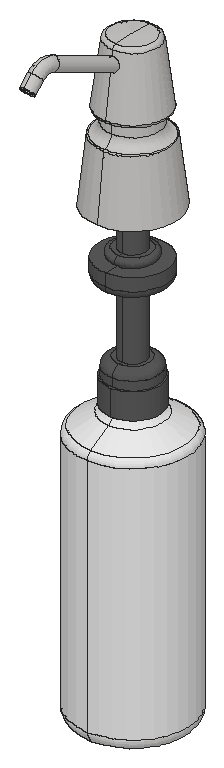
Revit family "rba-bim-b823", category Specialty Equipment, Revit 2015
Parameters (values of type "B-823")
  Width = 65.088 mm
  URL = "http://www.rba.com.au"
  Specification = "Top-fill counter-mounted manual foam soap dispenser shall dispense 7ml of foam using 0.5ml of commercially marketed foam soaps. Cover shall be constructed of durable die-cast zinc with bright polish finish. Spout assembly shall be type-304 stainless steel with bright polished finish. Dispenser shall be equipped with integrated funnel to facilitate re-filling of soap. Spout shall rotate 360° without damage to valve mechanism. Valve shall be operable with one hand and with less than 5 pounds of force (22.2 N) to comply with accessible design (including ADAAG in U.S.A.). Escutcheon shall lock to body with concealed locking mechanism that is opened with special key provided. Foam Dispensing assembly shall be removable from top for filling and maintenance. Shank shall accommodate mounting thicknesses up to 3'' (76mm). Translucent, shatter-resistant polyethylene container shall have a capacity of 34-fl oz (1.0-L)."
  Modified Issue = "20161117.01"
  Model = "B-823"
  Material = "Stainless Steel-Bobrick-Polished"
  Manufacturer = "Bobrick Washroom Equipment, Inc"
  Length = 101.6 mm
  Installation Type = "Counter-Mounted"
  Height = 133.35 mm
  Description = "Bobrick Top-Fill Counter-Mounted Manual Foam Soap Dispenser"
  Default Elevation = 0 mm
  Creation Date = "1/12/2015"  # constant formula
  Assembly Code = "C1030210"
  ADA Compliant = yes
Reference planes
  plane 1 "Center (Front/Back)": y = 0
  plane 2: z = 0
  plane 3 "Center (Left/Right)": x = 0
  plane 4: z = 133.35
  plane 5: z = 114.3
  plane 6: y = -101.6
  plane 7: z = -344.488
  plane 8: z = -76.2
  plane 9: y = -32.544
  plane 10: y = 32.544
  plane 11: z = -101.6
  plane 12: y = 42.069
  plane 13: y = -42.069
Forms (mm)
  Revolve 1, solid, material "ABS Plastic-Bobrick-White"
    sketch origin (0, 0, 0) x (0, 1, 0) y (0, 0, 1)
      loop
        line (0, -344.488) -> (32.544, -344.488)
        arc (32.544, -344.488) -> (39.279, -341.698) -> (42.069, -334.963) r 9.525
        line (42.069, -334.963) -> (42.069, -153.507)
        arc (42.069, -153.507) -> (41.218, -150.332) -> (38.894, -148.008) r 6.35
        line (38.894, -148.008) -> (22.271, -138.411)
        arc (22.271, -138.411) -> (19.501, -136.228) -> (17.462, -133.35) r 12.316
        line (17.462, -133.35) -> (20.637, -133.35) -> (20.637, -114.3) -> (19.05, -114.3) -> (19.05, -107.95)
        arc (19.05, -107.95) -> (17.19, -103.46) -> (12.7, -101.6) r 6.35
        line (12.7, -101.6) -> (9.525, -101.6) -> (9.525, -50.8) -> (19.05, -50.8)
        arc (19.05, -50.8) -> (23.54, -48.94) -> (25.4, -44.45) r 6.35
        line (25.4, -44.45) -> (25.4, -34.925) -> (13.343, -34.925)
        arc (13.343, -34.925) -> (16.518, -31.75) -> (13.343, -28.575) r 3.175
        line (13.343, -28.575) -> (9.525, -28.575) -> (9.525, 0) -> (0, 0) -> (0, -344.488)
      axis (0, -344.488) -> (0, 0)
    angle from 0 to 360
  Sweep 2, solid, material "Stainless Steel-Bobrick-Polished"
    path origin (0, 2.23, -2.327) x (0, 1, 0) y (0, 0, 1)
      loop
        line (-13.961, 106.544) -> (-75.635, 134.003)
        arc (-75.635, 134.003) -> (-86.522, 135.436) -> (-96.434, 130.709) r 19.333
        line (-96.434, 130.709) -> (-103.83, 124.049)
    profile origin (0, -42.567, 117.946) x (0, -0.406737, -0.913545) y (1, 0, 0)
      loop
        circle (5.08, 0) r 5.08
      loop
        circle (5.08, 0) r 4.286
  Revolve 3, solid, material "Stainless Steel-Bobrick-Polished"
    sketch origin (0, 0, 0) x (0, 1, 0) y (0, 0, 1)
      loop
        line (0, 0) -> (32.544, 0) -> (27.055, 46.904)
        arc (27.055, 46.904) -> (26.836, 47.365) -> (26.381, 47.597) r 0.794
        arc (26.381, 47.597) -> (21.511, 50.262) -> (19.573, 55.463) r 7.947
        line (19.573, 55.463) -> (19.573, 67.754) -> (24.061, 65.087)
        arc (24.061, 65.087) -> (24.66, 65.361) -> (24.847, 65.992) r 0.794
        line (24.847, 65.992) -> (18.526, 110.963)
        arc (18.526, 110.963) -> (17.563, 112.829) -> (15.645, 113.686) r 3.175
        arc (15.645, 113.686) -> (7.829, 114.171) -> (0, 114.331) r 187.697
        line (0, 114.331) -> (0, 0)
      axis (0, 114.331) -> (0, 0)
    angle from 0 to 360
Cuts and joins
  joined: Sweep 2, Revolve 3
Lines and regions (mm)
  Masking region 1
    outline origin (0, 0, 0) x (0, 1, 0) y (0, 0, 1)
      loop
        line (-32.544, -344.488) -> (32.544, -344.488)
        arc (32.544, -344.488) -> (39.279, -341.698) -> (42.069, -334.963) r 9.525
        line (42.069, -334.963) -> (42.069, -153.507)
        arc (42.069, -153.507) -> (41.218, -150.332) -> (38.894, -148.008) r 6.35
        line (38.894, -148.008) -> (22.271, -138.411)
        arc (22.271, -138.411) -> (19.501, -136.228) -> (17.462, -133.35) r 12.316
        line (17.462, -133.35) -> (20.637, -133.35) -> (20.637, -114.3) -> (19.05, -114.3) -> (19.05, -107.95)
        arc (19.05, -107.95) -> (17.19, -103.46) -> (12.7, -101.6) r 6.35
        line (12.7, -101.6) -> (9.525, -101.6) -> (9.525, -50.8) -> (19.05, -50.8)
        arc (19.05, -50.8) -> (23.54, -48.94) -> (25.4, -44.45) r 6.35
        line (25.4, -44.45) -> (25.4, -34.925) -> (13.343, -34.925)
        arc (13.343, -34.925) -> (16.518, -31.75) -> (13.343, -28.575) r 3.175
        line (13.343, -28.575) -> (9.525, -28.575) -> (9.525, 0) -> (32.544, 0) -> (27.055, 46.904)
        arc (27.055, 46.904) -> (26.836, 47.365) -> (26.381, 47.597) r 0.794
        arc (26.381, 47.597) -> (21.511, 50.262) -> (19.573, 55.463) r 7.947
        line (19.573, 55.463) -> (19.573, 65.087) -> (24.061, 65.087)
        arc (24.061, 65.087) -> (24.66, 65.361) -> (24.847, 65.992) r 0.794
        line (24.847, 65.992) -> (18.526, 110.963)
        arc (18.526, 110.963) -> (17.563, 112.829) -> (15.645, 113.686) r 3.175
        arc (15.645, 113.686) -> (0.16, 114.331) -> (-15.326, 113.696) r 187.697
        arc (-15.326, 113.696) -> (-17.444, 112.936) -> (-18.526, 110.963) r 3.175
        line (-18.526, 110.963) -> (-19.018, 107.462) -> (-73.381, 131.665)
        arc (-73.381, 131.665) -> (-84.291, 133.102) -> (-94.223, 128.364) r 19.373
        line (-94.223, 128.364) -> (-101.6, 121.722) -> (-94.802, 114.172) -> (-87.45, 120.791)
        arc (-87.45, 120.791) -> (-82.7, 123.057) -> (-77.482, 122.37) r 9.266
        line (-77.482, 122.37) -> (-20.489, 96.995) -> (-24.847, 65.992)
        arc (-24.847, 65.992) -> (-24.66, 65.361) -> (-24.061, 65.087) r 0.794
        line (-24.061, 65.087) -> (-19.573, 65.087) -> (-19.573, 55.463)
        arc (-19.573, 55.463) -> (-21.511, 50.262) -> (-26.381, 47.597) r 7.947
        arc (-26.381, 47.597) -> (-26.836, 47.365) -> (-27.055, 46.904) r 0.794
        line (-27.055, 46.904) -> (-32.544, 0) -> (-9.525, 0) -> (-9.525, -28.575) -> (-13.343, -28.575)
        arc (-13.343, -28.575) -> (-16.518, -31.75) -> (-13.343, -34.925) r 3.175
        line (-13.343, -34.925) -> (-25.4, -34.925) -> (-25.4, -44.45)
        arc (-25.4, -44.45) -> (-23.54, -48.94) -> (-19.05, -50.8) r 6.35
        line (-19.05, -50.8) -> (-9.525, -50.8) -> (-9.525, -101.6) -> (-12.7, -101.6)
        arc (-12.7, -101.6) -> (-17.19, -103.46) -> (-19.05, -107.95) r 6.35
        line (-19.05, -107.95) -> (-19.05, -114.3) -> (-20.637, -114.3) -> (-20.637, -133.35) -> (-17.462, -133.35)
        arc (-17.462, -133.35) -> (-19.501, -136.228) -> (-22.271, -138.411) r 12.316
        line (-22.271, -138.411) -> (-38.894, -148.008)
        arc (-38.894, -148.008) -> (-41.218, -150.332) -> (-42.069, -153.507) r 6.35
        line (-42.069, -153.507) -> (-42.069, -334.963)
        arc (-42.069, -334.963) -> (-39.279, -341.698) -> (-32.544, -344.488) r 9.525
  Masking region 2
    outline origin (0, 0, 0) x (1, 0, 0) y (0, 1, 0)
      loop
        line (-5.08, -32.145) -> (-5.08, -98.201)
        spline (-5.08, -98.201) -> (-4.907, -99.081) -> (-4.399, -99.9) -> (-3.592, -100.604) -> (-2.54, -101.145) -> (-1.315, -101.484) -> (0, -101.6) -> (1.315, -101.484) -> (2.54, -101.145) -> (3.592, -100.604) -> (4.399, -99.9) -> (4.907, -99.081) -> (5.08, -98.201)
        line (5.08, -98.201) -> (5.08, -32.145)
        arc (5.08, -32.145) -> (0, 32.544) -> (-5.08, -32.145) r 32.544
  Masking region 3
    outline origin (0, 0, 0) x (1, 0, 0) y (0, 0, 1)
      loop
        arc (32.544, -344.488) -> (39.279, -341.698) -> (42.069, -334.963) r 9.525
        line (42.069, -334.963) -> (42.069, -153.507)
        arc (42.069, -153.507) -> (41.218, -150.332) -> (38.894, -148.008) r 6.35
        line (38.894, -148.008) -> (22.271, -138.411)
        arc (22.271, -138.411) -> (19.501, -136.228) -> (17.462, -133.35) r 12.316
        line (17.462, -133.35) -> (20.637, -133.35) -> (20.637, -114.3) -> (19.05, -114.3) -> (19.05, -107.95)
        arc (19.05, -107.95) -> (17.19, -103.46) -> (12.7, -101.6) r 6.35
        line (12.7, -101.6) -> (9.525, -101.6) -> (9.525, -50.8) -> (19.05, -50.8)
        arc (19.05, -50.8) -> (23.54, -48.94) -> (25.4, -44.45) r 6.35
        line (25.4, -44.45) -> (25.4, -34.925) -> (13.343, -34.925)
        arc (13.343, -34.925) -> (16.518, -31.75) -> (13.343, -28.575) r 3.175
        line (13.343, -28.575) -> (9.525, -28.575) -> (9.525, 0) -> (32.544, 0) -> (27.055, 46.904)
        arc (27.055, 46.904) -> (26.836, 47.365) -> (26.381, 47.597) r 0.794
        arc (26.381, 47.597) -> (21.511, 50.262) -> (19.573, 55.463) r 7.947
        line (19.573, 55.463) -> (19.573, 65.087) -> (24.061, 65.087)
        arc (24.061, 65.087) -> (24.66, 65.361) -> (24.847, 65.992) r 0.794
        line (24.847, 65.992) -> (20.489, 96.995) -> (18.526, 110.963)
        arc (18.526, 110.963) -> (17.444, 112.936) -> (15.326, 113.696) r 3.175
        arc (15.326, 113.696) -> (10.207, 114.048) -> (5.08, 114.259) r 187.697
        line (5.08, 114.259) -> (5.08, 128.265)
        arc (5.08, 128.265) -> (0, 133.345) -> (-5.08, 128.265) r 5.08
        line (-5.08, 128.265) -> (-5.08, 117.947) -> (-5.08, 114.265)
        arc (-5.08, 114.265) -> (-10.367, 114.05) -> (-15.645, 113.686) r 187.697
        arc (-15.645, 113.686) -> (-17.563, 112.829) -> (-18.526, 110.963) r 3.175
        line (-18.526, 110.963) -> (-24.847, 65.992)
        arc (-24.847, 65.992) -> (-24.66, 65.361) -> (-24.061, 65.087) r 0.794
        line (-24.061, 65.087) -> (-19.573, 65.087) -> (-19.573, 55.463)
        arc (-19.573, 55.463) -> (-21.511, 50.262) -> (-26.381, 47.597) r 7.947
        arc (-26.381, 47.597) -> (-26.836, 47.365) -> (-27.055, 46.904) r 0.794
        line (-27.055, 46.904) -> (-32.544, 0) -> (-9.525, 0) -> (-9.525, -28.575) -> (-13.343, -28.575)
        arc (-13.343, -28.575) -> (-16.518, -31.75) -> (-13.343, -34.925) r 3.175
        line (-13.343, -34.925) -> (-25.4, -34.925) -> (-25.4, -44.45)
        arc (-25.4, -44.45) -> (-23.54, -48.94) -> (-19.05, -50.8) r 6.35
        line (-19.05, -50.8) -> (-9.525, -50.8) -> (-9.525, -101.6) -> (-12.7, -101.6)
        arc (-12.7, -101.6) -> (-17.19, -103.46) -> (-19.05, -107.95) r 6.35
        line (-19.05, -107.95) -> (-19.05, -114.3) -> (-20.637, -114.3) -> (-20.637, -133.35) -> (-17.462, -133.35)
        arc (-17.462, -133.35) -> (-19.501, -136.228) -> (-22.271, -138.411) r 12.316
        line (-22.271, -138.411) -> (-38.894, -148.008)
        arc (-38.894, -148.008) -> (-41.218, -150.332) -> (-42.069, -153.507) r 6.35
        line (-42.069, -153.507) -> (-42.069, -334.963)
        arc (-42.069, -334.963) -> (-39.279, -341.698) -> (-32.544, -344.488) r 9.525
        line (-32.544, -344.488) -> (32.544, -344.488)
  symbolic lines, detail levels medium+fine
    curve 1: line (0, 19.573, 65.087) -> (0, -19.573, 65.087)
    curve 2: line (0, 9.525, 0) -> (0, -9.525, 0)
    curve 3: arc (0, -19.018, 107.462) -> (0, -18.511, 102.054) -> (0, -20.489, 96.995) r 11.757
    curve 4: line (0, 13.343, -34.925) -> (0, -13.343, -34.925)
    curve 5: line (0, 9.525, -50.8) -> (0, -8.712, -50.8)
    curve 6: line (0, 11.112, -101.6) -> (0, -10.319, -101.6)
    curve 7: line (0, -17.463, -133.35) -> (0, 17.462, -133.35)
    curve 35: line (-5.08, -32.145, 0) -> (-5.08, -18.36, 0)
    curve 36: line (5.08, -32.145, 0) -> (5.08, -18.36, 0)
    curve 37: circle (0, 0, 0) r 19.05 normal (0, 0, 1)
    curve 38: spline (-5.08, 0, 117.947) -> (-4.907, 0, 116.97) -> (-4.399, 0, 116.059) -> (-3.592, 0, 115.277) -> (-2.54, 0, 114.677) -> (-1.315, 0, 114.3) -> (0, 0, 114.172) -> (1.315, 0, 114.3) -> (2.54, 0, 114.677) -> (3.592, 0, 115.277) -> (4.399, 0, 116.059) -> (4.907, 0, 116.97) -> (5.08, 0, 117.947) -> (4.907, 0, 118.924) -> (4.399, 0, 119.834) -> (3.592, 0, 120.616) -> (2.54, 0, 121.216) -> (1.315, 0, 121.593) -> (0, 0, 121.722) -> (-1.315, 0, 121.593) -> (-2.54, 0, 121.216) -> (-3.592, 0, 120.616) -> (-4.399, 0, 119.834) -> (-4.907, 0, 118.924) -> (-5.08, 0, 117.947)
    curve 39: spline (-4.286, 0, 117.947) -> (-4.14, 0, 118.771) -> (-3.712, 0, 119.539) -> (-3.031, 0, 120.199) -> (-2.143, 0, 120.705) -> (-1.109, 0, 121.024) -> (0, 0, 121.132) -> (1.109, 0, 121.024) -> (2.143, 0, 120.705) -> (3.031, 0, 120.199) -> (3.712, 0, 119.539) -> (4.14, 0, 118.771) -> (4.286, 0, 117.947) -> (4.14, 0, 117.122) -> (3.712, 0, 116.354) -> (3.031, 0, 115.694) -> (2.143, 0, 115.188) -> (1.109, 0, 114.87) -> (0, 0, 114.761) -> (-1.109, 0, 114.87) -> (-2.143, 0, 115.188) -> (-3.031, 0, 115.694) -> (-3.712, 0, 116.354) -> (-4.14, 0, 117.122) -> (-4.286, 0, 117.947)
    curve 40: line (-5.08, 0, 114.267) -> (-5.08, 0, 102.126)
    curve 41: line (5.08, 0, 114.267) -> (5.08, 0, 102.126)
    curve 42: arc (-5.08, 0, 102.126) -> (0, 0, 97.046) -> (5.08, 0, 102.126) r 5.08
    curve 43: line (-19.573, 0, 65.087) -> (19.573, 0, 65.087)
    curve 44: line (-9.525, 0, 0) -> (9.525, 0, 0)
    curve 45: line (-13.343, 0, -34.925) -> (13.343, 0, -34.925)
    curve 46: line (9.525, 0, -50.8) -> (-9.525, 0, -50.8)
    curve 47: line (-10.319, 0, -101.6) -> (10.319, 0, -101.6)
    curve 48: line (-17.462, 0, -133.35) -> (17.463, 0, -133.35)
  symbolic lines, detail levels fine
    curve 8: line (0, 19.05, -114.3) -> (0, 11.112, -114.3)
    curve 9: line (0, 9.525, -28.575) -> (0, -9.525, -28.575)
    curve 10: line (0, 26.381, 47.597) -> (0, -26.381, 47.597)
    curve 11: line (0, 15.875, -44.45) -> (0, 15.875, -35.719)
    curve 12: arc (0, 9.525, -50.8) -> (0, 14.015, -48.94) -> (0, 15.875, -44.45) r 6.35
    curve 13: line (0, 15.062, -44.45) -> (0, 15.062, -35.719)
    curve 14: arc (0, 8.712, -50.8) -> (0, 13.202, -48.94) -> (0, 15.062, -44.45) r 6.35
    curve 15: line (0, -15.875, -44.45) -> (0, -15.875, -35.719)
    curve 16: line (0, -15.062, -44.45) -> (0, -15.062, -35.719)
    curve 17: arc (0, -8.712, -50.8) -> (0, -13.202, -48.94) -> (0, -15.062, -44.45) r 6.35
    curve 18: arc (0, -9.525, -50.8) -> (0, -14.015, -48.94) -> (0, -15.875, -44.45) r 6.35
    curve 19: line (0, 0.416, -50.8) -> (0, 0.416, -35.719)
    curve 20: line (0, -0.397, -50.8) -> (0, -0.397, -35.719)
    curve 21: line (0, 25.4, -35.719) -> (0, 15.875, -35.719)
    curve 22: line (0, 11.112, -101.6) -> (0, 11.112, -114.3)
    curve 23: line (0, 10.319, -101.6) -> (0, 10.319, -114.3)
    curve 24: line (0, -11.112, -101.6) -> (0, -11.112, -114.3)
    curve 25: line (0, -10.319, -101.6) -> (0, -10.319, -114.3)
    curve 26: line (0, -0.409, -101.6) -> (0, -0.409, -114.3)
    curve 27: line (0, 0.385, -101.6) -> (0, 0.385, -114.3)
    curve 28: line (0, 10.319, -114.3) -> (0, 0.385, -114.3)
    curve 29: line (0, -0.409, -114.3) -> (0, -10.319, -114.3)
    curve 30: line (0, -11.112, -114.3) -> (0, -19.05, -114.3)
    curve 31: line (0, 15.062, -35.719) -> (0, 0.416, -35.719)
    curve 32: line (0, -0.397, -35.719) -> (0, -15.062, -35.719)
    curve 33: line (0, -15.875, -35.719) -> (0, -25.4, -35.719)
    curve 34: arc (5.08, -24.887, 0) -> (0, 25.4, 0) -> (-5.08, -24.887, 0) r 25.4
    curve 49: line (-19.05, 0, -114.3) -> (-11.132, 0, -114.3)
    curve 50: line (-26.381, 0, 47.597) -> (26.381, 0, 47.597)
    curve 51: line (-9.525, 0, -28.575) -> (9.525, 0, -28.575)
    curve 52: line (25.4, 0, -35.719) -> (15.875, 0, -35.719)
    curve 53: line (-15.875, 0, -35.719) -> (-15.875, 0, -44.45)
    curve 54: arc (-15.875, 0, -44.45) -> (-14.015, 0, -48.94) -> (-9.525, 0, -50.8) r 6.35
    curve 55: line (-15.055, 0, -35.719) -> (-15.055, 0, -44.45)
    curve 56: arc (-15.055, 0, -44.45) -> (-13.195, 0, -48.94) -> (-8.705, 0, -50.8) r 6.35
    curve 57: line (15.875, 0, -35.719) -> (15.875, 0, -44.45)
    curve 58: arc (15.875, 0, -44.45) -> (14.015, 0, -48.94) -> (9.525, 0, -50.8) r 6.35
    curve 59: line (15.062, 0, -35.719) -> (15.062, 0, -44.45)
    curve 60: arc (15.062, 0, -44.45) -> (13.202, 0, -48.94) -> (8.712, 0, -50.8) r 6.35
    curve 61: line (0.394, 0, -35.719) -> (0.394, 0, -50.8)
    curve 62: line (-0.419, 0, -35.719) -> (-0.419, 0, -50.8)
    curve 63: line (-15.875, 0, -35.719) -> (-25.4, 0, -35.719)
    curve 64: line (-0.419, 0, -35.719) -> (-15.055, 0, -35.719)
    curve 65: line (15.062, 0, -35.719) -> (0.394, 0, -35.719)
    curve 66: line (0.394, 0, -101.6) -> (0.394, 0, -114.3)
    curve 67: line (-0.419, 0, -101.6) -> (-0.419, 0, -114.3)
    curve 68: line (-10.319, 0, -101.6) -> (-10.319, 0, -114.3)
    curve 69: line (-11.132, 0, -101.6) -> (-11.132, 0, -114.3)
    curve 70: line (10.319, 0, -101.6) -> (10.319, 0, -114.3)
    curve 71: line (11.132, 0, -101.6) -> (11.132, 0, -114.3)
    curve 72: line (-10.319, 0, -114.3) -> (-0.419, 0, -114.3)
    curve 73: line (0.394, 0, -114.3) -> (10.319, 0, -114.3)
    curve 74: line (11.132, 0, -114.3) -> (19.05, 0, -114.3)
Dimensions and locks
  "Height": plane 4 to level
  "Length": plane 1 "Center (Front/Back)" to plane 6
  plane 5 to level to plane 7 = 114.3 mm, 344.487 mm
  plane 7 to plane 11 = 242.888 mm
  "Width": plane 10 to plane 9
  plane 12 to plane 13 = 84.138 mm
Automatic sketch dimensions
  Revolve 1 sketch curve to plane 1 "Center (Front/Back)" = 0 mm  (x2)
  Revolve 1 sketch curve to plane 11 = 0 mm
  Revolve 1 sketch curve to level = 0 mm
  plane 7 to Revolve 1 sketch curve = 0 mm
  Revolve 1 sketch curve to plane 10 = 0 mm
  Revolve 1 sketch curve to plane 12 = 0 mm
  Revolve 1 sketch curve to plane 1 "Center (Front/Back)" = 9.525 mm  (x2)
  Revolve 1 sketch curve to Revolve 1 sketch curve = 3.175 mm  (x3)
  Revolve 1 sketch curve to Revolve 1 sketch curve = 3.818 mm
  Revolve 1 sketch curve to Revolve 1 sketch curve = 0 mm  (x2)
  Revolve 1 sketch curve to plane 10 = 15.081 mm
  Revolve 1 sketch curve to Revolve 1 sketch curve = 6.35 mm  (x3)
  Revolve 1 sketch curve to Revolve 1 sketch curve = 9.525 mm  (x2)
  Revolve 1 sketch curve to Revolve 1 sketch curve = 1.634 mm
  Revolve 1 sketch curve to plane 10 = 7.144 mm
  Revolve 1 sketch curve to plane 10 = 4.114 mm
  plane 10 to Revolve 1 sketch curve = 3.175 mm
  Revolve 1 sketch curve to plane 12 = 3.175 mm
  Revolve 1 sketch curve to Revolve 1 sketch curve = 45.557 mm
  Revolve 1 sketch curve to Revolve 1 sketch curve = 9.597 mm
  Revolve 1 sketch curve to Revolve 1 sketch curve = 5.061 mm
  plane 11 to Revolve 1 sketch curve = 9.945 mm
  Revolve 1 sketch curve to plane 8 = 25.4 mm
  Sweep 2 sketch curve to plane 6 = 0 mm
  Sweep 2 sketch curve to plane 6 = 7.396 mm
  Sweep 2 sketch curve to plane 5 = 0.285 mm
  Sweep 2 sketch curve to Sweep 2 sketch curve = 12.936 mm
  Sweep 2 sketch curve to plane 4 = 1.674 mm
  Sweep 2 sketch curve to Sweep 2 sketch curve = 7.863 mm
  plane 1 "Center (Front/Back)" to Sweep 2 sketch curve = 11.73 mm
  Sweep 2 sketch curve to plane 5 = 10.083 mm
  plane 5 to Sweep 2 sketch curve = 7.422 mm
  Sweep 2 sketch curve to Sweep 2 sketch curve = 0 mm  (x2)
  Sweep 2 sketch curve to plane 3 "Center (Left/Right)" = 0 mm
  Sweep 2 sketch curve to profile plane = 5.08 mm
  Masking region 1 sketch curve to plane 6 = 0 mm
  Masking region 1 sketch curve to plane 13 = 0 mm
  plane 7 to Masking region 1 sketch curve = 0 mm
  Masking region 1 sketch curve to plane 9 = 0 mm  (x2)
  Masking region 1 sketch curve to level = 0 mm  (x2)
  Masking region 1 sketch curve to plane 11 = 0 mm  (x2)
  Masking region 1 sketch curve to plane 10 = 0 mm  (x2)
  Masking region 1 sketch curve to plane 12 = 0 mm
  Masking region 1 sketch curve to plane 5 = 0.128 mm
  Masking region 1 sketch curve to plane 6 = 6.798 mm
  Masking region 1 sketch curve to plane 4 = 4.986 mm
  Masking region 1 sketch curve to Masking region 1 sketch curve = 7.377 mm
  plane 5 to Masking region 1 sketch curve = 6.491 mm
  Masking region 1 sketch curve to plane 5 = 0.333 mm
  Masking region 1 sketch curve to Masking region 1 sketch curve = 6.19 mm
  Masking region 1 sketch curve to Masking region 1 sketch curve = 0.01 mm
  plane 5 to Masking region 1 sketch curve = 8.07 mm
  Masking region 1 sketch curve to Masking region 1 sketch curve = 3.779 mm
  Masking region 1 sketch curve to plane 4 = 1.685 mm
  Masking region 1 sketch curve to plane 13 = 3.175 mm
  plane 9 to Masking region 1 sketch curve = 3.175 mm
  Masking region 1 sketch curve to plane 9 = 4.114 mm
  Masking region 1 sketch curve to plane 9 = 5.024 mm
  Masking region 1 sketch curve to plane 9 = 5.489 mm
  Masking region 1 sketch curve to Masking region 1 sketch curve = 0.675 mm
  Masking region 1 sketch curve to Masking region 1 sketch curve = 0 mm  (x7)
  Masking region 1 sketch curve to Masking region 1 sketch curve = 0.114 mm  (x2)
  Masking region 1 sketch curve to plane 9 = 7.144 mm
  Masking region 1 sketch curve to plane 9 = 7.697 mm
  Masking region 1 sketch curve to Masking region 1 sketch curve = 0.786 mm  (x2)
  Masking region 1 sketch curve to plane 9 = 10.273 mm
  Masking region 1 sketch curve to plane 9 = 11.906 mm
  Masking region 1 sketch curve to plane 9 = 12.054 mm
  Masking region 1 sketch curve to Masking region 1 sketch curve = 4.488 mm  (x2)
  Masking region 1 sketch curve to Masking region 1 sketch curve = 6.35 mm  (x4)
  Masking region 1 sketch curve to Masking region 1 sketch curve = 1.588 mm
  Masking region 1 sketch curve to Masking region 1 sketch curve = 1.471 mm
  Masking region 1 sketch curve to plane 5 = 3.337 mm  (x2)
  Masking region 1 sketch curve to Masking region 1 sketch curve = 0.492 mm
  Masking region 1 sketch curve to Masking region 1 sketch curve = 3.175 mm  (x5)
  Masking region 1 sketch curve to Masking region 1 sketch curve = 3.144 mm
  Masking region 1 sketch curve to plane 5 = 0.604 mm
  Masking region 1 sketch curve to Masking region 1 sketch curve = 0.056 mm
  Masking region 1 sketch curve to Masking region 1 sketch curve = 12.057 mm
  Masking region 1 sketch curve to plane 11 = 6.35 mm
  plane 1 "Center (Front/Back)" to Masking region 1 sketch curve = 9.525 mm  (x2)
  Masking region 1 sketch curve to plane 1 "Center (Front/Back)" = 0.097 mm
  Masking region 1 sketch curve to plane 1 "Center (Front/Back)" = 9.525 mm  (x2)
  Masking region 1 sketch curve to Masking region 1 sketch curve = 3.818 mm
  Masking region 1 sketch curve to plane 5 = 3.778 mm
  Masking region 1 sketch curve to plane 1 "Center (Front/Back)" = 15.382 mm
  Masking region 1 sketch curve to plane 5 = 0.614 mm
  Masking region 1 sketch curve to Masking region 1 sketch curve = 0.263 mm
  Masking region 1 sketch curve to plane 10 = 15.081 mm
  Masking region 1 sketch curve to Masking region 1 sketch curve = 9.525 mm  (x3)
  Masking region 1 sketch curve to plane 10 = 12.971 mm
  Masking region 1 sketch curve to Masking region 1 sketch curve = 1.634 mm
  Masking region 1 sketch curve to plane 10 = 7.144 mm
  Masking region 1 sketch curve to plane 10 = 6.277 mm
  Masking region 1 sketch curve to Masking region 1 sketch curve = 0.788 mm
  Masking region 1 sketch curve to plane 10 = 5.024 mm
  Masking region 1 sketch curve to plane 10 = 4.114 mm
  plane 10 to Masking region 1 sketch curve = 3.175 mm
  Masking region 1 sketch curve to plane 12 = 3.175 mm
  Masking region 1 sketch curve to Masking region 1 sketch curve = 45.557 mm  (x2)
  Masking region 1 sketch curve to Masking region 1 sketch curve = 9.597 mm  (x2)
  Masking region 1 sketch curve to Masking region 1 sketch curve = 5.061 mm  (x2)
  Masking region 1 sketch curve to Masking region 1 sketch curve = 22.566 mm
  level to Masking region 1 sketch curve = 46.812 mm
  Masking region 1 sketch curve to Masking region 1 sketch curve = 8.651 mm
  Masking region 1 sketch curve to Masking region 1 sketch curve = 9.625 mm  (x2)
  Masking region 1 sketch curve to Masking region 1 sketch curve = 0.794 mm  (x2)
  Masking region 1 sketch curve to Masking region 1 sketch curve = 13.968 mm
  Masking region 1 sketch curve to Masking region 1 sketch curve = 3.502 mm
  curve 24 to plane 11 = 0 mm
  curve 6 to plane 11 = 0 mm
  curve 2 to level = 0 mm
  curve 3 to plane 9 = 2.39 mm
  curve 10 to plane 9 = 6.163 mm
  curve 33 to plane 9 = 7.144 mm
  curve 3 to curve 3 = 9.664 mm
  curve 1 to plane 9 = 12.971 mm
  curve 30 to plane 9 = 13.494 mm
  curve 3 to plane 5 = 6.838 mm
  curve 3 to curve 3 = 1.471 mm
  curve 7 to plane 9 = 15.081 mm
  curve 33 to curve 18 = 9.525 mm
  curve 15 to curve 32 = 0.813 mm
  curve 16 to curve 4 = 1.72 mm
  curve 30 to curve 30 = 7.938 mm
  curve 24 to curve 6 = 0.794 mm
  curve 16 to curve 18 = 5.537 mm
  plane 1 "Center (Front/Back)" to curve 2 = 9.525 mm
  curve 4 to curve 9 = 3.818 mm
  curve 18 to curve 5 = 0.813 mm
  curve 18 to curve 17 = 0.813 mm
  plane 1 "Center (Front/Back)" to curve 26 = 0.409 mm
  plane 1 "Center (Front/Back)" to curve 32 = 0.397 mm
  curve 28 to plane 1 "Center (Front/Back)" = 0.385 mm
  curve 19 to plane 1 "Center (Front/Back)" = 0.416 mm
  curve 19 to curve 14 = 8.296 mm
  curve 9 to plane 1 "Center (Front/Back)" = 9.525 mm
  curve 14 to curve 12 = 0.813 mm
  curve 2 to plane 1 "Center (Front/Back)" = 9.525 mm
  curve 27 to curve 28 = 9.934 mm
  curve 23 to curve 6 = 0.794 mm
  curve 9 to curve 4 = 3.818 mm
  curve 4 to curve 13 = 1.72 mm
  curve 13 to curve 11 = 0.813 mm
  curve 7 to plane 10 = 15.081 mm
  curve 8 to curve 8 = 7.938 mm
  curve 1 to plane 10 = 12.971 mm
  curve 21 to plane 10 = 7.144 mm
  curve 10 to plane 10 = 6.163 mm
  curve 8 to plane 11 = 12.7 mm
  curve 30 to plane 11 = 12.7 mm
  curve 24 to curve 29 = 0 mm
  curve 23 to curve 8 = 0 mm
  curve 7 to curve 8 = 19.05 mm
  curve 5 to plane 8 = 25.4 mm
  curve 18 to curve 5 = 0 mm
  curve 11 to curve 21 = 8.731 mm
  curve 13 to curve 11 = 0 mm
  curve 18 to curve 33 = 8.731 mm
  curve 15 to curve 16 = 0 mm
  curve 16 to curve 4 = 0.794 mm
  curve 4 to curve 9 = 6.35 mm
  level to curve 10 = 47.597 mm
  curve 10 to curve 1 = 17.49 mm
  curve 3 to curve 3 = 10.467 mm
  plane 1 "Center (Front/Back)" to Masking region 2 sketch curve = 0 mm
  Masking region 2 sketch curve to plane 3 "Center (Left/Right)" = 0 mm
  Masking region 2 sketch curve to Masking region 2 sketch curve = 5.08 mm
  Masking region 2 sketch curve to plane 9 = 0.399 mm
  Masking region 2 sketch curve to Masking region 2 sketch curve = 0 mm
  Masking region 2 sketch curve to plane 6 = 3.399 mm
  curve 34 to curve 37 = 0 mm  (x2)
  plane 1 "Center (Front/Back)" to curve 37 = 0 mm
  curve 37 to plane 3 "Center (Left/Right)" = 0 mm
  curve 35 to plane 3 "Center (Left/Right)" = 5.08 mm
  curve 36 to plane 9 = 14.184 mm
  curve 35 to curve 36 = 0 mm
  curve 36 to plane 9 = 0.399 mm
  curve 35 to plane 9 = 0.399 mm
  Revolve 3 sketch curve to level = 0 mm
  Revolve 3 sketch curve to plane 1 "Center (Front/Back)" = 0 mm  (x2)
  Revolve 3 sketch curve to plane 10 = 0 mm
  Revolve 3 sketch curve to plane 1 "Center (Front/Back)" = 0.097 mm
  Revolve 3 sketch curve to plane 5 = 3.778 mm
  Revolve 3 sketch curve to plane 1 "Center (Front/Back)" = 15.382 mm
  Revolve 3 sketch curve to plane 5 = 0.614 mm
  Revolve 3 sketch curve to Revolve 3 sketch curve = 0.263 mm
  Revolve 3 sketch curve to Revolve 3 sketch curve = 0 mm  (x2)
  Revolve 3 sketch curve to plane 5 = 3.337 mm
  Revolve 3 sketch curve to plane 10 = 12.971 mm
  Revolve 3 sketch curve to Revolve 3 sketch curve = 4.488 mm
  Revolve 3 sketch curve to Revolve 3 sketch curve = 0.786 mm
  Revolve 3 sketch curve to plane 10 = 6.277 mm
  Revolve 3 sketch curve to Revolve 3 sketch curve = 0.114 mm
  Revolve 3 sketch curve to Revolve 3 sketch curve = 0.788 mm
  Revolve 3 sketch curve to plane 10 = 5.024 mm
  level to Revolve 3 sketch curve = 46.812 mm
  Revolve 3 sketch curve to Revolve 3 sketch curve = 9.625 mm
  Revolve 3 sketch curve to Revolve 3 sketch curve = 0.794 mm
  Revolve 3 sketch curve to Revolve 3 sketch curve = 1.873 mm
  Revolve 3 sketch curve to Revolve 3 sketch curve = 15.047 mm
  Revolve 3 sketch curve to Revolve 3 sketch curve = 11.867 mm
  Masking region 3 sketch curve to Masking region 3 sketch curve = 0 mm  (x9)
  Masking region 3 sketch curve to plane 7 = 0 mm
  Masking region 3 sketch curve to level = 0 mm  (x2)
  Masking region 3 sketch curve to plane 11 = 0 mm  (x2)
  Masking region 3 sketch curve to plane 3 "Center (Left/Right)" = 0 mm
  Masking region 3 sketch curve to plane 3 "Center (Left/Right)" = 0.097 mm
  Masking region 3 sketch curve to plane 3 "Center (Left/Right)" = 5.08 mm
  Masking region 3 sketch curve to plane 3 "Center (Left/Right)" = 9.525 mm  (x2)
  Masking region 3 sketch curve to Masking region 3 sketch curve = 3.175 mm  (x9)
  Masking region 3 sketch curve to Masking region 3 sketch curve = 3.818 mm  (x2)
  Masking region 3 sketch curve to plane 5 = 3.778 mm
  Masking region 3 sketch curve to Masking region 3 sketch curve = 10.302 mm
  Masking region 3 sketch curve to plane 5 = 0.614 mm
  Masking region 3 sketch curve to Masking region 3 sketch curve = 0.263 mm
  Masking region 3 sketch curve to plane 3 "Center (Left/Right)" = 17.462 mm
  Masking region 3 sketch curve to plane 5 = 3.337 mm  (x2)
  Masking region 3 sketch curve to Masking region 3 sketch curve = 6.35 mm  (x6)
  Masking region 3 sketch curve to Masking region 3 sketch curve = 5.707 mm
  Masking region 3 sketch curve to plane 3 "Center (Left/Right)" = 19.573 mm
  Masking region 3 sketch curve to Masking region 3 sketch curve = 1.634 mm  (x2)
  Masking region 3 sketch curve to Masking region 3 sketch curve = 4.488 mm  (x2)
  Masking region 3 sketch curve to Masking region 3 sketch curve = 0.786 mm  (x2)
  Masking region 3 sketch curve to Masking region 3 sketch curve = 6.694 mm  (x2)
  Masking region 3 sketch curve to Masking region 3 sketch curve = 0.114 mm  (x2)
  Masking region 3 sketch curve to Masking region 3 sketch curve = 0.788 mm  (x2)
  Masking region 3 sketch curve to Masking region 3 sketch curve = 1.14 mm  (x2)
  Masking region 3 sketch curve to Masking region 3 sketch curve = 7.792 mm  (x2)
  Masking region 3 sketch curve to Masking region 3 sketch curve = 23.019 mm  (x2)
  Masking region 3 sketch curve to plane 3 "Center (Left/Right)" = 32.544 mm
  Masking region 3 sketch curve to Masking region 3 sketch curve = 13.448 mm  (x2)
  Masking region 3 sketch curve to plane 7 = 9.525 mm
  plane 3 "Center (Left/Right)" to Masking region 3 sketch curve = 9.525 mm  (x2)
  Masking region 3 sketch curve to plane 5 = 0.604 mm
  Masking region 3 sketch curve to Masking region 3 sketch curve = 10.246 mm
  Masking region 3 sketch curve to Masking region 3 sketch curve = 0.056 mm
  plane 3 "Center (Left/Right)" to Masking region 3 sketch curve = 17.462 mm
  Masking region 3 sketch curve to Masking region 3 sketch curve = 3.144 mm
  Masking region 3 sketch curve to Masking region 3 sketch curve = 9.525 mm  (x3)
  plane 3 "Center (Left/Right)" to Masking region 3 sketch curve = 19.573 mm
  Masking region 3 sketch curve to Masking region 3 sketch curve = 1.963 mm
  plane 3 "Center (Left/Right)" to Masking region 3 sketch curve = 32.544 mm
  Masking region 3 sketch curve to Masking region 3 sketch curve = 45.557 mm  (x2)
  Masking region 3 sketch curve to Masking region 3 sketch curve = 9.597 mm  (x2)
  Masking region 3 sketch curve to Masking region 3 sketch curve = 5.061 mm  (x2)
  Masking region 3 sketch curve to plane 8 = 25.4 mm  (x2)
  level to Masking region 3 sketch curve = 46.812 mm
  Masking region 3 sketch curve to Masking region 3 sketch curve = 8.651 mm
  Masking region 3 sketch curve to Masking region 3 sketch curve = 9.625 mm  (x2)
  Masking region 3 sketch curve to Masking region 3 sketch curve = 0.794 mm  (x2)
  Masking region 3 sketch curve to Masking region 3 sketch curve = 13.968 mm
  plane 5 to Masking region 3 sketch curve = 3.647 mm
  Masking region 3 sketch curve to plane 4 = 5.085 mm
  curve 69 to plane 11 = 0 mm
  curve 68 to plane 11 = 0 mm
  curve 44 to level = 0 mm
  curve 38 to plane 3 "Center (Left/Right)" = 0 mm
  curve 42 to plane 3 "Center (Left/Right)" = 0 mm
  curve 39 to plane 3 "Center (Left/Right)" = 0 mm
  curve 71 to plane 11 = 0 mm
  curve 64 to plane 3 "Center (Left/Right)" = 0.419 mm
  curve 39 to curve 38 = 4.286 mm
  curve 42 to plane 3 "Center (Left/Right)" = 5.08 mm
  curve 38 to curve 39 = 0.794 mm
  curve 56 to plane 3 "Center (Left/Right)" = 8.705 mm
  curve 46 to curve 56 = 0.82 mm
  curve 44 to plane 3 "Center (Left/Right)" = 9.525 mm
  curve 51 to plane 3 "Center (Left/Right)" = 9.525 mm
  curve 47 to curve 67 = 9.9 mm
  curve 45 to curve 51 = 3.818 mm
  curve 64 to curve 45 = 1.712 mm
  curve 63 to curve 55 = 0.82 mm
  curve 48 to plane 3 "Center (Left/Right)" = 17.463 mm
  curve 49 to curve 69 = 7.918 mm
  curve 43 to plane 3 "Center (Left/Right)" = 19.573 mm
  curve 63 to curve 53 = 9.525 mm
  curve 50 to curve 43 = 6.808 mm
  plane 3 "Center (Left/Right)" to curve 61 = 0.394 mm
  curve 61 to curve 60 = 8.318 mm
  plane 3 "Center (Left/Right)" to curve 44 = 9.525 mm
  curve 60 to curve 58 = 0.813 mm
  plane 3 "Center (Left/Right)" to curve 51 = 9.525 mm
  curve 66 to curve 70 = 9.925 mm
  curve 51 to curve 45 = 3.818 mm
  curve 58 to curve 59 = 5.537 mm
  curve 59 to curve 57 = 0.813 mm
  plane 3 "Center (Left/Right)" to curve 48 = 17.463 mm
  curve 71 to curve 74 = 7.918 mm
  plane 3 "Center (Left/Right)" to curve 43 = 19.573 mm
  curve 52 to curve 52 = 9.525 mm
  curve 43 to curve 50 = 6.808 mm
  curve 74 to plane 11 = 12.7 mm
  curve 66 to curve 67 = 0 mm
  curve 62 to plane 8 = 25.4 mm
  curve 56 to curve 54 = 0 mm
  curve 56 to curve 55 = 8.731 mm
  curve 60 to curve 65 = 8.731 mm
  curve 57 to curve 59 = 0 mm
  curve 53 to curve 55 = 0 mm
  curve 59 to curve 45 = 0.794 mm
  curve 45 to curve 51 = 6.35 mm
  level to curve 50 = 47.597 mm
  curve 50 to curve 43 = 17.49 mm
  curve 42 to plane 5 = 12.174 mm
  curve 40 to plane 5 = 0.033 mm
  curve 41 to plane 5 = 0.033 mm
  plane 5 to curve 39 = 3.647 mm
  curve 38 to curve 39 = 0 mm
  curve 48 to curve 71 = 19.05 mm
  curve 49 to curve 68 = 8.731 mm
  curve 69 to curve 72 = 0 mm
  plane 3 "Center (Left/Right)" to curve 73 = 0.394 mm
  curve 49 to plane 3 "Center (Left/Right)" = 19.05 mm
  curve 70 to curve 71 = 0.813 mm
  curve 73 to curve 71 = 0 mm
  radius of Sweep 2 sketch curve = 5.08 mm
  radius of Sweep 2 sketch curve = 4.286 mm
  radius of curve 34 = 25.4 mm
